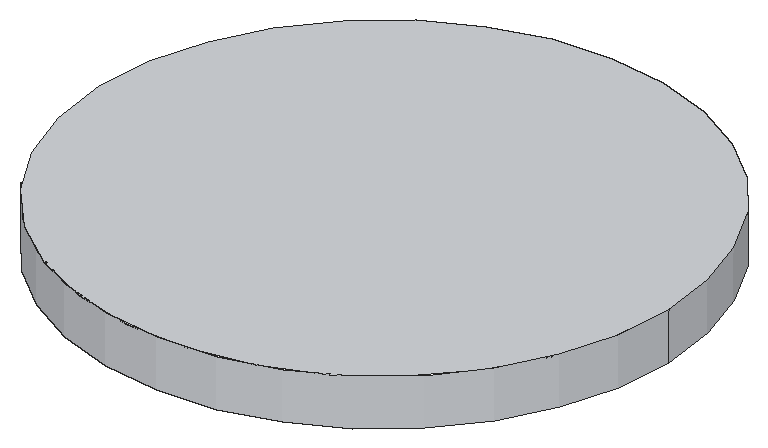
Revit family "0a47c131a681492492784e6936427e3c", category Communication Devices, host Face, Revit 2021
Family settings
  Host = Face
  Maintain Annotation Orientation = Yes
  Round Connector Dimension = Use Diameter
  Part Type = Normal
  OmniClass Number = 23.85.10.00
  OmniClass Title = General Information Systems
  Seek Item ID = Clock-0000-USA-ENU
  Cut with Voids When Loaded = No
  Shared = No
  Room Calculation Point = No
Parameters (values of type "Standard")
  Radius = Diameter * 0.5  # 0' - 6"
  Length 1 = 0' - 1"
  Diameter = 1' - 0"
  Default Elevation = 4' - 0"
Reference planes (in)
  plane 1 "Center (Front/Back)": y = 0
  plane 2: z = 0
  plane 3 "Center (Left/Right)": x = 0
  plane 4: z = 1
  plane 5: x = -6
  plane 6: x = 6
Forms (in)
  Extrusion 1, solid
    sketch origin (0, 0, 0) x (1, 0, 0) y (0, 1, 0)
      loop
        circle (0, 0) r 6
    from 0 to 1
Lines and regions (in)
  symbolic lines, detail levels fine
    curve 1: line (-6, 0, 1) -> (6, 0, 1)
    curve 2: line (-6, 0, 0) -> (-6, 0, 1)
    curve 3: line (6, 0, 0) -> (-6, 0, 0)
    curve 4: line (6, 0, 1) -> (6, 0, 0)
Dimensions and locks (in)
  "Length 1": plane 4 to plane 2
  equal spacing: plane 6, plane 3 "Center (Left/Right)", plane 5
  "Radius": plane 3 "Center (Left/Right)" to plane 5
  "Radius": radius of Extrusion 1 sketch curve
  aligned and locked: plane 2 to host face
  aligned and locked: level to host face
  aligned and locked: plane 1 "Center (Front/Back)" to Extrusion 1 sketch curve
  aligned and locked: plane 3 "Center (Left/Right)" to Extrusion 1 sketch curve
  aligned and locked: plane 4 to Extrusion 1
  aligned and locked: Extrusion 1 to plane 2
  aligned and locked: plane 1 "Center (Front/Back)" to nested 1
  aligned and locked: plane 3 "Center (Left/Right)" to nested 1
  aligned and locked: curve 1 to plane 4
  aligned and locked: plane 2 to curve 3
  aligned and locked: plane 5 to curve 2
  aligned and locked: curve 4 to plane 6
Automatic sketch dimensions
  host sketch curve to host sketch curve = 8' - 0"  (x2)
Nested families (in)
  nested 1: "Clock Annotation" at (0, 0, 0), type "Clock Annotation", detail levels coarse+medium
Connectors (in)
  electrical at (0, 0, 0)
    settings: on Extrusion 1, index 1, voltage 0 V, apparent load 0 VA, apparent load phase1 0 VA, apparent load phase2 0 VA, apparent load phase3 0 VA, power factor 1, load classification "Other", number of poles 1, system type 14, power factor state 1, is connector primary yes, connector utility no, sub classification motor no, connector description ""
Definition of nested family "Clock Annotation"
  Parameters
    Label Annotation = "C"
  Reference planes (in)
    plane 1: y = 0
    plane 2: x = 0
  Lines and regions (in)
    reference lines
      curve 1: line (-0.2699, 0.15625, 0) -> (0.35142, 0.15625, 0)
      curve 2: line (-0.37147, 0.0625, 0) -> (0.37853, 0.0625, 0)
      curve 4: line (-0.03906, 0.24516, 0) -> (-0.03906, -0.18497, 0)
      curve 5: line (0.03906, 0.2707, 0) -> (0.03906, -0.20461, 0)
    detail lines
      curve 3: circle (0, 0.15625, 0) r 0.09375 normal (0, 0, 1)
      curve 6: line (0, 0.0625, 0) -> (0, 0, 0)
      curve 7: line (-0.03906, 0, 0) -> (0.03906, 0, 0)
  Text (in)
    label "C" at (-0.04986, 0.15586, 0), shows "Label Annotation"
  Dimensions and locks (in)
    locked: curve 2 to curve 1 at 0.09375
    locked: plane 1 to curve 2 at 0.0625
    locked: curve 4 to plane 2 at 0.03906
    locked: plane 2 to curve 5 at 0.03906
    radius of curve 3 = 0' - 0 3/32"
    aligned and locked: plane 2 to curve 3
    aligned and locked: curve 1 to curve 3
    aligned and locked: curve 2 to curve 6
    aligned and locked: plane 1 to curve 6
    aligned and locked: curve 6 to plane 2
    aligned and locked: curve 5 to curve 7
    aligned and locked: curve 4 to curve 7
    aligned and locked: plane 1 to curve 7
